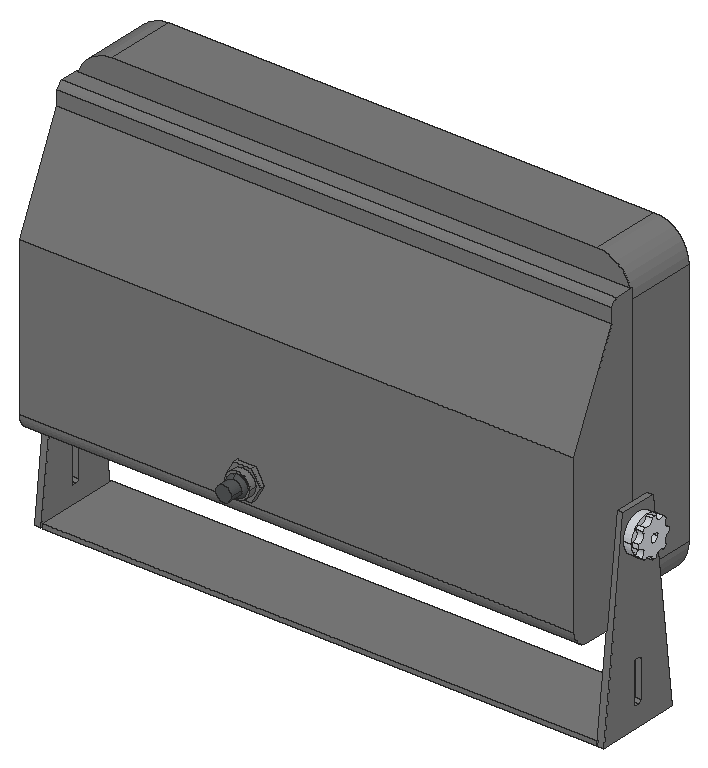
Revit family "WALL WASHER PRO_LV363WW.60", category Luminarias, Revit 2019 (continued)
Parameters (values of type "REFL_LV363WW.60")
    9    25.63    22.37    19.12    \r\n 15.86    12.60    9.34     7.52     7.14     6.76     6.37     5.99     5.60     5.22     \r\n 4.83     \r\n5.32     6.09     6.85     7.61     8.37     9.14     9.90     10.66    12.66    15.89    \r\n 19.12    22.35    25.58    28.80    32.03    35.26    38.49    41.72    44.95    48.18    \r\n 51.41    58.05    64.69    73.84    85.52    97.19    108.87   120.54   132.22   143.89   \r\n 155.57   176.40   197.22   218.05   238.87   259.70   280.52   301.35   320.93   339.26   \r\n 357.59   368.91   380.22   386.77   388.57   390.37   380.93   371.50   358.33   341.42   \r\n 324.51   303.34   282.16   262.64   244.78   226.92   209.06   191.20   173.34   155.48   \r\n 137.62   128.17   118.73   109.28   99.83    90.39    80.94    71.49    63.43    56.76    \r\n 50.09    46.71    43.33    39.95    36.57    33.19    29.81    26.43    23.05    19.67    \r\n 16.29    12.91    9.53     7.64     7.24     6.84     6.44     6.04     5.64     5.24     \r\n 4.84     \r\n5.33     6.11     6.89     7.67     8.45     9.23     10.01    10.79    12.85    16.20    \r\n 19.54    22.89    26.23    29.57    32.92    36.26    39.61    42.95    46.29    49.64    \r\n 52.98    59.94    66.90    76.88    89.88    102.88   115.88   128.88   141.87   154.87   \r\n 167.87   192.47   217.07   241.67   266.26   290.86   315.46   340.06   363.65   386.23   \r\n 408.81   423.00   437.19   445.48   447.87   450.25   438.59   426.92   410.87   390.44   \r\n 370.01   344.49   318.97   295.63   274.46   253.30   232.13   210.96   189.80   168.63   \r\n 147.47   137.05   126.63   116.20   105.78   95.36    84.94    74.52    65.81    58.81    \r\n 51.80    48.30    44.79    41.28    37.77    34.27    30.76    27.25    23.74    20.23    \r\n 16.73    13.22    9.71     7.75     7.33     6.92     6.50     6.09     5.67     5.26     \r\n 4.84     \r\n5.32     6.12     6.92     7.72     8.52     9.32     10.12    10.92    13.05    16.51    \r\n 19.97    23.43    26.89    30.35    33.81    37.27    40.73    44.19    47.65    51.11    \r\n 54.58    61.91    69.25    80.11    94.50    108.89   123.28   137.67   152.06   166.45   \r\n 180.84   209.96   239.08   268.20   297.32   326.44   355.55   384.67   413.21   441.15   \r\n 469.10   485.75   502.41   512.39   515.68   518.97   505.20   491.43   472.17   447.44   \r\n 422.70   391.98   361.26   333.37   308.32   283.26   258.20   233.14   208.08   183.02   \r\n 157.96   146.48   135.00   123.53   112.05   100.57   89.09    77.61    68.21    60.87    \r\n 53.53    49.89    46.25    42.62    38.98    35.34    31.70    28.07    24.43    20.79    \r\n 17.15    13.51    9.88     7.84     7.41     6.98     6.55     6.12     5.69     5.26     \r\n 4.83     \r\n5.33     6.14     6.96     7.77     8.58     9.39     10.21    11.02    13.21    16.79    \r\n 20.37    23.94    27.52    31.10    34.67    38.25    41.82    45.40    48.98    52.55    \r\n 56.13    63.86    71.60    83.45    99.40    115.36   131.31   147.27   163.22   179.18   \r\n 195.13   229.33   263.52   297.71   331.91   366.10   400.29   434.49   468.30   501.72   \r\n 535.15   556.05   576.96   589.42   593.42   597.43   581.19   564.96   541.78   511.67   \r\n 481.55   445.23   408.91   376.02   346.56   317.11   287.65   258.19   228.74   199.28   \r\n 169.82   157.12   144.41   131.70   119.00   106.29   93.58    80.88    70.67    62.95    \r\n 55.24    51.48    47.71    43.94    40.18    36.41    32.65    28.88    25.12    21.35    \r\n 17.59    13.82    10.06    7.95     7.51     7.06     6.62     6.17     5.73     5.28     \r\n 4.84     \r\n5.32     6.16     6.99     7.83     8.66     9.49     10.33    11.16    13.43    17.12    \r\n 20.82    24.52    28.22    31.91    35.61    39.31    43.01    46.70    50.40    54.10    \r\n 57.79    65.91    74.02    86.98    104.78   122.58   140.37   158.17   175.97   193.77   \r\n 211.57   251.60   291.63   331.66   371.69   411.72   451.74   491.77   531.95   572.27   \r\n 612.59   638.03   663.46   678.64   683.55   688.46   669.23   650.00   622.57   586.92   \r\n 551.27   506.92   462.57   423.18   388.76   354.34   319.92   285.50   251.08   216.66   \r\n 182.24   168.24   154.24   140.24   126.24   112.23   98.23    84.23    73.19    65.10    \r\n 57.01    53.11    49.21    45.32    41.42    37.52    33.63    29.73    25.83    21.93    \r\n 18.04    14.14    10.24    8.06     7.60     7.14     6.68     6.22     5.76     5.29     \r\n 4.83     \r\n5.33     6.19     7.04     7.89     8.74     9.59     10.44    11.29    13.62    17.44    \r\n 21.25    25.07    28.88    32.70    36.51    40.33    44.14    47.96    51.77    55.59    \r\n 59.40    67.94    76.49    90.62    110.36   130.09   149.82   169.56   189.29   209.03   \r\n 228.76   275.37   321.97   368.57   415.18   461.78   508.39   554.99   602.80   651.80   \r\n 700.80   731.09   761.38   779.94   786.77   793.60   770.36   747.13   713.93   670.75   \r\n 627.58   575.92   524.26   478.25   437.90   397.55   357.20   316.84   276.49   236.14   \r\n 195.79   180.35   164.92   149.48   134.04   118.61   103.17   87.74    75.78    67.29    \r\n 58.80    54.76    50.73    46.70    42.67    38.64    34.60    30.57    26.54    22.51    \r\n 18.48    14.44    10.41    8.16     7.68     7.21     6.73     6.26     5.78     5.31     \r\n 4.83     \r\n5.33     6.20     7.07     7.94     8.81     9.68     10.56    11.43    13.83    17.77    \r\n 21.70    25.64    29.57    33.51    37.44    41.38    45.32    49.25    53.19    57.12    \r\n 61.06    70.05    79.04    94.48    116.38   138.27   160.16   182.05   203.94   225.83   \r\n 247.72   302.17   356.62   411.07   465.51   519.96   574.41   628.86   684.58   741.56   \r\n 798.55   835.97   873.39   896.24   904.52   912.80   885.25   857.71   818.27   766.92   \r\n 715.58   653.38   591.18   536.77   490.14   443.51   396.88   350.24   303.61   256.98   \r\n 210.35   193.33   176.32   159.30   142.28   125.26   108.25   91.23    78.28    69.41    \r\n 60.53    56.37    52.21    48.05    43.89    39.72    35.56    31.40    27.24    23.08    \r\n 18.91    14.75    10.59    8.26     7.77     7.28     6.79     6.30     5.81     5.32     \r\n 4.83     \r\n5.32     6.21     7.10     7.99     8.89     9.78     10.67    11.56    14.04    18.10    \r\n 22.16    26.23    30.29    34.35    38.41    42.47    46.54    50.60    54.66    58.72    \r\n 62.78    72.25    81.72    98.55    122.75   146.95   171.15   195.34   219.54   243.74   \r\n 267.94   331.25   394.56   457.87   521.18   584.49   647.80   711.11   776.56   844.15   \r\n 911.74   957.59   1003.44  1031.12  1040.63  1050.14  1016.81  983.48   936.16   874.86   \r\n 813.55   740.29   667.03   603.47   549.59   495.72   441.85   387.98   334.10   280.23   \r\n 226.36   207.57   188.78   169.98   151.19   132.40   113.61   94.82    80.82    71.61    \r\n 62.40    58.10    53.79    49.49    45.19    40.89    36.58    32.28    27.98    23.68    \r\n 19.37    15.07    10.77    8.36     7.86     7.35     6.84     6.34     5.83     5.32     \r\n 4.81     \r\n5.35     6.25     7.16     8.06     8.96     9.87     10.77    11.67    14.22    18.41    \r\n 22.61    26.80    30.99    35.18    39.38    43.57    47.76    51.95    56.14    60.34    \r\n 64.53    74.48    84.43    102.89   129.85   156.82   183.78   210.74   237.71   264.67   \r\n 291.63   364.84   438.04   511.25   584.45   657.66   730.87   804.07   880.66   960.63   \r\n 1040.60  1096.01  1151.41  1184.77  1196.08  1207.39  1167.46  1127.54  1070.77  997.16   \r\n 923.55   837.85   752.15   678.17   615.93   553.68   491.43   429.19   366.94   304.70   \r\n 242.45   221.87   201.28   180.70   160.12   139.54   118.96   98.37    83.29    73.71    \r\n 64.13    59.70    55.27    50.84    46.41    41.98    37.55    33.11    28.68    24.25    \r\n 19.82    15.39    10.96    8.48     7.96     7.44     6.91     6.39     5.87     5.35     \r\n 4.82     \r\n5.34     6.26     7.18     8.10     9.02     9.94     10.86    11.79    14.41    18.74    \r\n 23.06    27.39    31.72    36.05    40.38    44.70    49.03    53.36    57.69    62.01    \r\n 66.34    76.83    87.31    107.41   137.11   166.82   196.52   226.23   255.94   285.64   \r\n 315.35   399.97   484.59   569.21   653.83   738.45   823.07   907.69   997.11   1091.32  \r\n 1185.54  1254.52  1323.50  1363.03  1373.10  1383.17  1338.31  1293.44  1226.10  1136.27  \r\n 1046.44  945.73   845.02   759.02   687.75   616.48   545.20   473.93   402.65   331.38   \r\n 260.11   237.56   215.02   192.48   169.94   147.40   124.86   102.32   86.04    76.02    \r\n 66.00    61.43    56.86    52.29    47.72    43.15    38.58    34.00    29.43    24.86    \r\n 20.29    15.72    11.15    8.59     8.06     7.52     6.98     6.45     5.91     5.37     \r\n 4.83     \r\n5.34     6.28     7.21     8.14     9.07     10.00    10.94    11.87    14.57    19.03    \r\n 23.49    27.95    32.41    36.88    41.34    45.80    50.26    54.73    59.19    63.65    \r\n 68.11    79.14    90.17    112.10   144.92   177.74   210.57   243.39   276.21   309.04   \r\n 341.86   439.17   536.49   633.80   731.12   828.43   925.75   1023.06  1127.64  1239.47  \r\n 1351.30  1425.69  1500.09  1546.11  1563.77  1581.43  1522.74  1464.05  1384.25  1283.34  \r\n 1182.43  1065.67  948.92   849.80   768.32   686.84   605.36   523.88   442.40   360.92   \r\n 279.43   254.69   229.94   205.19   180.44   155.69   130.94   106.19   88.62    78.24    \r\n 67.85    63.14    58.43    53.72    49.01    44.30    39.60    34.89    30.18    25.47    \r\n 20.76    16.05    11.34    8.71     8.15     7.59     7.04     6.48     5.92     5.36     \r\n 4.80     \r\n5.35     6.30     7.24     8.19     9.14     10.09    11.04    11.98    14.76    19.36    \r\n 23.96    28.57    33.17    37.77    42.37    46.97    51.58    56.18    60.78    65.38    \r\n 69.98    81.68    93.37    117.25   153.32   189.38   225.45   261.51   297.58   333.65   \r\n 369.71   481.34   592.96   704.58   816.20   927.82   1039.45  1151.07  1272.02  1402.30  \r\n 1532.58  1622.18  1711.78  1766.60  1786.62  1806.64  1737.59  1668.54  1575.43  1458.26  \r\n 1341.09  1202.32  1063.55  947.91   855.42   762.92   670.42   577.92   485.42   392.92   \r\n 300.43   273.26   246.09   218.93   191.76   164.59   137.43   110.26   91.28    80.49    \r\n 69.69    64.85    60.00    55.15    50.30    45.46    40.61    35.76    30.91    26.07    \r\n 21.22    16.37    11.52    8.81     8.24     7.67     7.10     6.53     5.96     5.39     \r\n 4.82     \r\n5.35     6.31     7.27     8.23     9.19     10.15    11.11    12.07    14.93    19.68    \r\n 24.42    29.17    33.92    38.66    43.41    48.16    52.90    57.65    62.40    67.14    \r\n 71.89    84.25    96.60    122.63   162.33   202.03   241.72   281.42   321.12   360.81   \r\n 400.51   528.32   656.14   783.95   911.76   1039.57  1167.39  1295.20  1434.36  1584.86  \r\n 1735.37  1838.53  1941.69  2006.62  2033.31  2060.01  1978.85  1897.70  1787.71  1648.88  \r\n 1510.04  1351.45  1192.86  1060.75  955.13   849.52   743.90   638.28   532.66   427.04   \r\n 321.42   291.88   262.33   232.78   203.23   173.68   144.13   114.59   94.16    82.86    \r\n 71.55    66.57    61.58    56.59    51.60    46.61    41.62    36.63    31.64    26.66    \r\n 21.67    16.68    11.69    8.90     8.32     7.73     7.15     6.56     5.98     5.39     \r\n 4.81     \r\n5.37     6.35     7.32     8.29     9.26     10.23    11.21    12.18    15.11    20.01    \r\n 24.91    29.81    34.70    39.60    44.50    49.39    54.29    59.19    64.09    68.98    \r\n 73.88    86.92    99.95    128.25   171.81   215.37   258.92   302.48   346.04   389.60   \r\n 433.16   576.92   720.69   864.46   1008.22  1151.99  1295.76  1439.53  1601.67  1782.20  \r\n 1962.73  2083.45  2204.16  2277.82  2304.42  2331.02  2239.55  2148.07  2021.96  1861.22  \r\n 1700.48  1513.66  1326.85  1174.14  1055.54  936.94   818.34   699.73   581.13   462.53   \r\n 343.93   311.73   279.53   247.34   215.14   182.95   150.75   118.55   96.64    85.01    \r\n 73.39    68.26    63.14    58.01    52.89    47.76    42.64    37.52    32.39    27.27    \r\n 22.14    17.02    11.89    9.03     8.43     7.82     7.22     6.62     6.02     5.41     \r\n 4.81     \r\n5.38     6.37     7.35     8.34     9.33     10.31    11.30    12.28    15.30    20.35    \r\n 25.39    30.44    35.48    40.53    45.57    50.62    55.67    60.71    65.76    70.80    \r\n 75.85    89.64    103.43   134.18   181.89   229.61   277.32   325.03   372.75   420.46   \r\n 468.17   631.50   794.83   958.16   1121.49  1284.81  1448.14  1611.47  1797.36  2005.80  \r\n 2214.24  2351.76  2489.27  2574.09  2606.23  2638.36  2530.22  2422.08  2275.66  2090.96  \r\n 1906.26  1693.51  1480.76  1307.26  1173.01  1038.76  904.52   770.27   636.02   501.77   \r\n 367.52   332.63   297.73   262.84   227.95   193.05   158.16   123.26   99.71    87.50    \r\n 75.28    70.02    64.75    59.48    54.22    48.95    43.68    38.41    33.15    27.88    \r\n 22.61    17.35    12.08    9.14     8.52     7.91     7.29     6.68     6.06     5.44     \r\n 4.83     \r\n5.39     6.39     7.38     8.38     9.38     10.38    11.38    12.37    15.48    20.68    \r\n 25.89    31.10    36.31    41.52    46.72    51.93    57.14    62.35    67.56    72.76    \r\n 77.97    92.57    107.17   140.57   192.76   244.95   297.14   349.32   401.51   453.70   \r\n 505.89   690.65   875.41   1060.17  1244.93  1429.69  1614.45  1799.21  2010.60  2248.60  \r\n 2486.61  2646.15  2805.69  2901.87  2934.70  2967.53  2844.70  2721.86  2555.42  2345.35  \r\n 2135.29  1887.31  1639.33  1440.43  1290.63  1140.83  991.03   841.23   691.43   541.63   \r\n 391.83   354.07   316.32   278.56   240.81   203.05   165.30   127.54   102.36   89.75    \r\n 77.15    71.74    66.33    60.92    55.51    50.10    44.69    39.28    33.87    28.46    \r\n 23.05    17.64    12.23    9.21     8.58     7.95     7.32     6.69     6.06     5.43     \r\n 4.80     \r\n5.38     6.40     7.41     8.42     9.43     10.45    11.46    12.47    15.65    21.00    \r\n 26.36    31.71    37.06    42.41    47.76    53.11    58.46    63.81    69.16    74.51    \r\n 79.87    95.37    110.87   147.11   204.10   261.09   318.08   375.06   432.05   489.04   \r\n 546.03   753.98   961.93   1169.88  1377.83  1585.78  1793.73  2001.68  2240.64  2510.61  \r\n 2780.58  2964.14  3147.70  3260.88  3303.69  3346.50  3199.54  3052.58  2858.74  2618.00  \r\n 2377.27  2096.21  1815.16  1590.78  1423.08  1255.38  1087.68  919.99   752.29   584.59   \r\n 416.89   376.19   335.48   294.78   254.08   213.37   172.67   131.97   105.09   92.04    \r\n 79.00    73.45    67.90    62.35    56.80    51.25    45.70    40.15    34.60    29.05    \r\n 23.49    17.94    12.39    9.30     8.66     8.02     7.37     6.73     6.09     5.45     \r\n 4.81     \r\n5.39     6.41     7.43     8.45     9.47     10.49    11.51    12.54    15.80    21.31    \r\n 26.82    32.33    37.84    43.35    48.86    54.37    59.88    65.39    70.90    76.41    \r\n 81.92    98.33    114.73   154.02   216.18   278.35   340.52   402.68   464.85   527.02   \r\n 589.18   821.36   1053.55  1285.73  1517.91  1750.09  1982.28  2214.46  2486.23  2797.58  \r\n 3108.94  3317.36  3525.78  3649.14  3687.43  3725.73  3566.69  3407.66  3190.90  2916.43  \r\n 2641.96  2325.13  2008.31  1756.21  1568.84  1381.46  1194.08  1006.71  819.33   631.96   \r\n 444.58   400.63   356.67   312.71   268.75   224.79   180.83   136.87   108.09   94.50    \r\n 80.90    75.20    69.51    63.81    58.11    52.42    46.72    41.02    35.32    29.63    \r\n 23.93    18.23    12.54    9.36     8.71     8.06     7.41     6.76     6.11     5.46     \r\n 4.81     \r\n5.40     6.44     7.47     8.50     9.54     10.57    11.61    12.64    15.99    21.65    \r\n 27.31    32.98    38.64    44.30    49.96    55.63    61.29    66.95    72.62    78.28    \r\n 83.94    101.28   118.61   160.87   228.06   295.24   362.43   429.61   496.80   563.98   \r\n 631.17   890.02   1148.87  1407.72  1666.57  1925.42  2184.28  2443.13  2745.61  3091.73  \r\n 3437.85  3680.63  3923.42  4067.75  4113.65  4159.54  3977.10  3794.67  3546.58  3232.84  \r\n 2919.10  2563.88  2208.66  1927.13  1719.27  1511.42  1303.56  1095.71  887.85   680.00   \r\n 472.14   424.88   377.62   330.35   283
